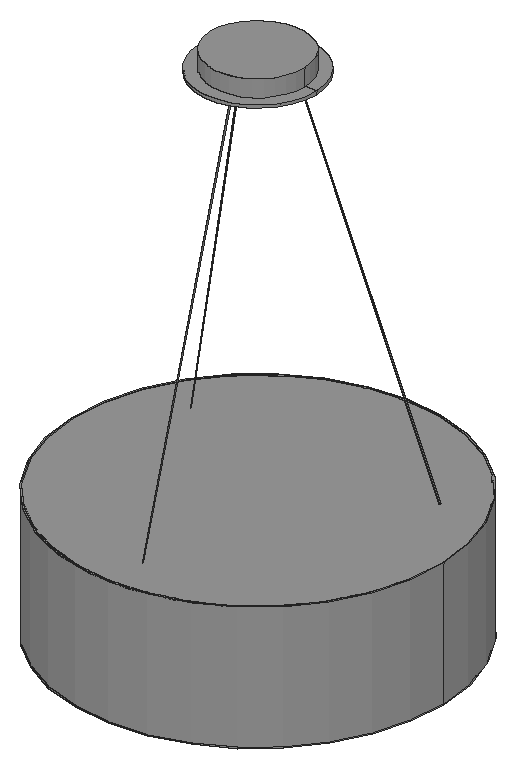
Revit family "Artemide_Tagora_Suspended_570", category Lighting Fixtures, Revit 2018
Family settings
  Round Connector Dimension = Use Diameter
  Part Type = Normal
  Work Plane-Based = Yes
  Always vertical = Yes
  Cut with Voids When Loaded = No
  Light Source = Yes
  Shared = No
  Room Calculation Point = No
Parameters (values of type "Tagora_Suspended_570_DirectEmission_Dimmable_Beige/White_M249221")
  Wattage = 58 W
  built-in parameter 1150110 = 1 (stored number, unit not read)
  Voltage = "-"
  built-in parameter 1114217 = 1 (stored number, unit not read)
  Tilt Angle = 90.00°
  built-in parameter 1150109 = 1 (stored number, unit not read)
  built-in parameter 1150134 = (empty or 0)
  built-in parameter 1150113 = 1 (stored number, unit not read)
  Radius_InternalCylinder = Radius_ExternalCyilinder - 2 mm  # 283 mm
  Radius_ExternalCyilinder = 285 mm
  Product Range = "Tagora"
  Photometric Web File = "M249221.IES"
  Max Height from ceiling = 2000 mm
  M_HousingCylinder = Artemide_Aluminum_Beige
  M_Housing = Artemide_Aluminum_White
  M_Fixings = Artemide_Aluminum_Anodized
  M_Diffuser = Artemide_Glass_LightBulb
  built-in parameter 1150105 = 285.93 (stored number, unit not read)
  Lumens = 3593.1 lm
  built-in parameter 1150115 = 1 (stored number, unit not read)
  built-in parameter 1150137 = (empty or 0)
  built-in parameter 1150139 = (empty or 0)
  built-in parameter 1150112 = 1 (stored number, unit not read)
  built-in parameter 1150114 = 1 (stored number, unit not read)
  built-in parameter 1150132 = (empty or 0)
  built-in parameter 1150102 = (empty or 0)
  built-in parameter 1150107 = 3000 (stored number, unit not read)
  built-in parameter 1150138 = (empty or 0)
  built-in parameter 1150106 = 2.8593 (stored number, unit not read)
  IfcExportType = "NOT DEFINED"  # constant formula
  IfcExportAs = "IfcLightFixtureType"  # constant formula
  Weekly = "-"
  Warranty ID = "https://cloud.artemide.com/5-years-warranty"
  Upward Component  = 0
  Unified Glare Rating  = "-"
  Uniclass 2015 = "Pr_70_70_48"  # constant formula
  URL to O&M Manual = "https://www.artemide.com/contents/documenti/prodotto/tagora_sospensione_570_instructions2525503.pdf"
  URL to Energy Technology List = "-"
  Trim Material = "-"
  Trim Finish = "-"
  Trim Colour  = "-"
  Total Power = 0
  Total Light Output  = 0
  Testing method = "-"
  Supply Phase = 0
  Suitable for Photocell Control = "-"
  Suitable for Motion Detector Control = "N"
  Suitable for Dimming  = "Y"
  Suitable Dimmer Type = "DALI"
  Standards = "-"
  Shipping Weight = 0
  Service life  = "-"
  Secondary Rated Lamp Life = 0
  Secondary Lamp Voltage = 0
  Secondary Lamp International Type Code = "-"
  Secondary Lamp Initial Lumens  = 0
  Secondary Lamp Included = "-"
  Secondary Lamp Efficacy = 0
  Secondary Lamp Colour Temperature = 0
  Secondary Lamp Colour Rendering Index = 0
  Secondary Lamp Cap = "-"
  Secondary Lamp = "-"
  Responsible Sourcing of Materials = "-"
  Responsible Extraction of Materials = "-"
  Reflector Material = "-"
  Reflector Finish = "-"
  Rated Lamp Life = 50000
  Quarterly = "-"
  Product Model Number = "M249221"
  Product Literature = "https://www.artemide.com/en/subfamily/1688085/tagora-suspension-570"
  Primary Lamp Type = "LED"
  Power Supply Kit = "-"
  Power Factor = 0
  Photocell = "-"
  Overall Width = 0
  Overall Light Output Ratio = 0
  Overall Length = 570
  Overall Height = 190
  Output Lumens Indirect light = 0
  Output Lumens Direct light = 3593
  Number of Secondary Lamps = 0
  Number of Primary Lamps = 1
  Number of Poles = 0
  Motion Sensor = "-"
  Motion Detector = "-"
  Monthly = "-"
  Minimum Operating Temperature = 0
  Maximum Operating Temperature = 0
  Material Ingredient Reporting = "-"
  Manufacturer Website = "https://www.artemide.com"
  Manufacturer = "Artemide"
  Maintenance Required: 8001-12000hrs  = "-"
  Maintenance Required: 601-1000hrs = "-"
  Maintenance Required: 4001-8000hrs  = "-"
  Maintenance Required: 301-600hrs  = "-"
  Maintenance Required: 2001-4000hrs  = "-"
  Maintenance Required: 1001-2000hrs  = "-"
  Maintenance Required: 0-300hrs  = "-"
  Luminance at 65deg Angle = 0
  Luminaire Type = "Pendant"
  Luminaire Maintenance Factor = 0
  Luminaire Cleaning Interval  = "-"
  Louvre/Lens = "-"
  Location of Manufacturer = "-"
  Light Output Pattern = "-"
  Light Fixture Mounting Type = "Suspended"
  Life Cycle Analysis = "-"
  Lamp Survival Factor = "-"
  Lamp Replacement Interval = "-"
  Lamp Included = "Y"
  Lamp Holder Material = "-"
  Lamp Cap = "LED Integrated"
  LED lifetime = 50000
  LED Maintained Colour Variation         = 0
  LED Initial Colour Variation                      = 0
  International Type Code = "-"
  Intended Market = "Unset"
  Integral Fuse or Circuit Protection  = "-"
  Integral Emergency Lighting Battery Type = "-"
  Input Lumens Indirect light = 0
  Input Lumens Direct light = 8352
  Initial Lumens = 3593
  Infills = "-"
  IP Rating = "IP20"
  IK Rating = "-"
  IES Files  = "https://www.artemide.com/product/downloadFile/1720551/ieseu/4887593"
  Housing Material = "Aluminium"
  Housing Finish  = "Painted"
  Housing Colour  = "Beige/White"
  Hazardous Area Protection Type = "-"
  Hazardous Area Category = "-"
  Gross Weight = 6.55
  Green Guide for Specification = "-"
  Gasket Material = "-"
  Frequency  = 0
  Fixings = "-"
  Fixing Material = "-"
  Fire Shroud = "-"
  Fire Rating Duration = 0
  Fire Rated Temperature = 0
  Fire Rated = "-"
  Features = "Any additional components/accessories included in this file are required to complete the product/configuration and must be ordered separately.Please check the catalogue/dedicated brochure for more information"
  Face Width = 0
  Face Shape = "Cylindrical"
  Face Length = 0
  External Control Line Voltage = 0
  Expected Life = "-"
  Environmental Product Declaration = "-"
  End Caps/Transition Caps/Joints = "-"
  Emit from Circle Diameter = 475 mm
  Emit Shape Visible in Rendering = no
  Emergency light output percentage = 0
  Emergency Lighting Battery = "-"
  Emergency Charging Power       = 0
  Emergency = "N"
  Embodied Carbon  = 0
  Efficiency = 43
  built-in parameter 1150104 = 5.7553 (stored number, unit not read)
  Earth Point  = "-"
  ENEC Certification of European conformity = "N"
  Duration of Integral Emergency Lighting  = 0
  Drive Current                                          = 0
  Downward Component = 0
  Distance_LampFromCeilingMax [instance] = if(Distance_LampFromCeiling < Max Height from ceiling, Distance_LampFromCeiling, Max Height from ceiling)  # 605 mm
  Distance_LampFromCeiling [instance] = 605 mm
  Distance_HeightLamp = 194.5 mm
  Dimming Lamp Color Temperature Shift = <None>
  Diffusing screen = "-"
  Diffuser Material  = "-"
  Diffuser Finish = "-"
  Designed by = "S./R. Cornelissen"
  Default Elevation = 1219.2 mm
  Daylight Sensor = "-"
  Daily = "-"
  Cut Out Width = 0
  Cut Out Length = 0
  Current  = 0
  Control Gear Type = "-"
  Control Gear Standby Power  = 0
  Control Gear Required = "-"
  Control Gear Location = "-"
  Column = "-"
  Colour Temperature = 3000
  Colour Rendering Index = 80
  Color Filter = 16777215
  Cable Material = "-"
  CE Approval = "Y"
  Bespoke Timeframe = "-"
  Beam Angle Transverse Axis  = 0.00°
  Beam Angle Longditudinal Axis  = 0.00°
  Basis of lifetime luminaire failures        = 0
  Basis of lifetime lumen depreciation   = 0
  built-in parameter 1114218 = 1 (stored number, unit not read)
  built-in parameter 1150133 = 10 (stored number, unit not read)
  Application Environment = "Internal"
  Annually = "-"
  Ambient Temperature                             = 0
  Air Handling = "-"
  Access Clearance Top = 0
  Access Clearance Right = 0
  Access Clearance Rear = 0
  Access Clearance Left = 0
  Access Clearance Front = 0
  Access Clearance Bottom = 0
  6 Monthly = "-"
Types (20, lengths in mm): name | Wattage | built-in parameter 1150134 | Photometric Web File | M_HousingCylinder | M_Housing | built-in parameter 1150105 | Lumens | built-in parameter 1150107 | built-in parameter 1150106 | Product Model Number | Output Lumens Direct light | Input Lumens Direct light | Initial Lumens | IES Files  | Housing Colour  | Gross Weight | Efficiency | built-in parameter 1150104 | Colour Temperature
  Tagora_Suspended_570_DirectEmission_Dimmable_Beige/White_M249221 | 58 W | (empty or 0) | "M249221.IES" | Artemide_Aluminum_Beige | Artemide_Aluminum_White | 285.93 (stored number, unit not read) | 3593.1 lm | 3000 (stored number, unit not read) | 2.8593 (stored number, unit not read) | "M249221" | 3593 | 8352 | 3593 | "https://www.artemide.com/product/downloadFile/1720551/ieseu/4887593" | "Beige/White" | 6.55 | 43 | 5.7553 (stored number, unit not read) | 3000
  Tagora_Suspended_570_DirectEmission_Dimmable_Beige/White_M249321 | 58 W | 12 | "M249321.IES" | Artemide_Aluminum_Beige | Artemide_Aluminum_White | 285.93 (stored number, unit not read) | 3593.1 lm | 4000 (stored number, unit not read) | 2.8593 (stored number, unit not read) | "M249321" | 3593 | 8352 | 3593 | "https://www.artemide.com/product/downloadFile/1721121/ieseu/4887775" | "Beige/White" | 6.55 | 43 | 5.7553 (stored number, unit not read) | 4000
  Tagora_Suspended_570_Direct+IndirectEmission_Dimmable_Beige/White_M240221 | 72 W | (empty or 0) | "M240221.IES" | Artemide_Aluminum_Beige | Artemide_Aluminum_White | 393.45 (stored number, unit not read) | 4944.24 lm | 3000 (stored number, unit not read) | 3.9345 (stored number, unit not read) | "M240221" | 4675 | 10400 | 4675 | "https://www.artemide.com/product/downloadFile/2524996/ieseu/4887726" | "Beige/White" | 6.62 | 45 | 6.3797 (stored number, unit not read) | 3000
  Tagora_Suspended_570_Direct+IndirectEmission_Dimmable_Beige/White_M240321 | 72 W | 12 | "M240321.IES" | Artemide_Aluminum_Beige | Artemide_Aluminum_White | 393.45 (stored number, unit not read) | 4944.24 lm | 4000 (stored number, unit not read) | 3.9345 (stored number, unit not read) | "M240321" | 4675 | 10400 | 4675 | "https://www.artemide.com/product/downloadFile/2526504/ieseu/4887729" | "Beige/White" | 6.62 | 45 | 6.3797 (stored number, unit not read) | 4000
  Tagora_Suspended_570_DirectEmission_Dimmable_Grey/White_M249261 | 58 W | (empty or 0) | "M249261.IES" | Artemide_Aluminum_Grey | Artemide_Aluminum_White | 285.93 (stored number, unit not read) | 3593.1 lm | 3000 (stored number, unit not read) | 2.8593 (stored number, unit not read) | "M249261" | 3593 | 8352 | 3593 | "https://www.artemide.com/product/downloadFile/1720737/ieseu/4887736" | "Grey/White" | 6.55 | 43 | 5.7553 (stored number, unit not read) | 3000
  Tagora_Suspended_570_DirectEmission_Dimmable_Grey/White_M249361 | 58 W | 12 | "M249361.IES" | Artemide_Aluminum_Grey | Artemide_Aluminum_White | 285.93 (stored number, unit not read) | 3593.1 lm | 4000 (stored number, unit not read) | 2.8593 (stored number, unit not read) | "M249361" | 3593 | 8352 | 3593 | "https://www.artemide.com/product/downloadFile/1721307/ieseu/4887902" | "Grey/White" | 6.55 | 43 | 5.7553 (stored number, unit not read) | 4000
  Tagora_Suspended_570_Direct+IndirectEmission_Dimmable_Grey/White_M240261 | 72 W | (empty or 0) | "M240261.IES" | Artemide_Aluminum_Grey | Artemide_Aluminum_White | 393.45 (stored number, unit not read) | 4944.24 lm | 3000 (stored number, unit not read) | 3.9345 (stored number, unit not read) | "M240261" | 4675 | 10400 | 4675 | "https://www.artemide.com/product/downloadFile/2524782/ieseu/4887852" | "Grey/White" | 6.62 | 45 | 6.3797 (stored number, unit not read) | 3000
  Tagora_Suspended_570_Direct+IndirectEmission_Dimmable_Grey/White_M240361 | 72 W | 12 | "M240361.IES" | Artemide_Aluminum_Grey | Artemide_Aluminum_White | 393.45 (stored number, unit not read) | 4944.24 lm | 4000 (stored number, unit not read) | 3.9345 (stored number, unit not read) | "M240361" | 4675 | 10400 | 4675 | "https://www.artemide.com/product/downloadFile/2526021/ieseu/4887592" | "Grey/White" | 6.62 | 45 | 6.3797 (stored number, unit not read) | 4000
  Tagora_Suspended_570_DirectEmission_Dimmable_Black/Orange_M249211 | 58 W | (empty or 0) | "M249211.IES" | Artemide_Aluminum_Black | Artemide_Aluminum_Orange | 285.93 (stored number, unit not read) | 3593.1 lm | 3000 (stored number, unit not read) | 2.8593 (stored number, unit not read) | "M249211" | 3593 | 8352 | 3593 | "https://www.artemide.com/product/downloadFile/1720929/ieseu/4887761" | "Black/Orange" | 6.55 | 43 | 5.7553 (stored number, unit not read) | 3000
  Tagora_Suspended_570_DirectEmission_Dimmable_Black/Orange_M249311 | 58 W | 12 | "M249311.IES" | Artemide_Aluminum_Black | Artemide_Aluminum_Orange | 285.93 (stored number, unit not read) | 3593.1 lm | 4000 (stored number, unit not read) | 2.8593 (stored number, unit not read) | "M249311" | 3593 | 8352 | 3593 | "https://www.artemide.com/product/downloadFile/1721121/ieseu/4887775" | "Black/Orange" | 6.55 | 43 | 5.7553 (stored number, unit not read) | 4000
  Tagora_Suspended_570_Direct+IndirectEmission_Dimmable_Black/Orange_M240211 | 72 W | (empty or 0) | "M240211.IES" | Artemide_Aluminum_Black | Artemide_Aluminum_Orange | 393.45 (stored number, unit not read) | 4944.24 lm | 3000 (stored number, unit not read) | 3.9345 (stored number, unit not read) | "M240211" | 4675 | 10400 | 4675 | "https://www.artemide.com/product/downloadFile/2524568/ieseu/4887771" | "Black/Orange" | 6.62 | 45 | 6.3797 (stored number, unit not read) | 3000
  Tagora_Suspended_570_Direct+IndirectEmission_Dimmable_Black/Orange_M240311 | 72 W | 12 | "M240311.IES" | Artemide_Aluminum_Black | Artemide_Aluminum_Orange | 393.45 (stored number, unit not read) | 4944.24 lm | 4000 (stored number, unit not read) | 3.9345 (stored number, unit not read) | "M240311" | 4675 | 10400 | 4675 | "https://www.artemide.com/product/downloadFile/2525796/ieseu/4887647" | "Black/Orange" | 6.62 | 45 | 6.3797 (stored number, unit not read) | 4000
  Tagora_Suspended_570_DirectEmission_Dimmable_Black/Blue_M249231 | 58 W | (empty or 0) | "M249231.IES" | Artemide_Aluminum_Black | Artemide_Aluminum_Blue | 285.93 (stored number, unit not read) | 3593.1 lm | 3000 (stored number, unit not read) | 2.8593 (stored number, unit not read) | "M249231" | 3593 | 8352 | 3593 | "https://www.artemide.com/product/downloadFile/2525547/ieseu/4887602" | "Black/Blue" | 6.55 | 43 | 5.7553 (stored number, unit not read) | 3000
  Tagora_Suspended_570_DirectEmission_Dimmable_Black/Blue_M249331 | 58 W | 12 | "M249331.IES" | Artemide_Aluminum_Black | Artemide_Aluminum_Blue | 285.93 (stored number, unit not read) | 3593.1 lm | 4000 (stored number, unit not read) | 2.8593 (stored number, unit not read) | "M249331" | 3593 | 8352 | 3593 | "https://www.artemide.com/product/downloadFile/2527098/ieseu/4887636" | "Black/Blue" | 6.55 | 43 | 5.7553 (stored number, unit not read) | 4000
  Tagora_Suspended_570_Direct+IndirectEmission_Dimmable_Black/Blue_M240231 | 72 W | (empty or 0) | "M240231.IES" | Artemide_Aluminum_Black | Artemide_Aluminum_Blue | 393.45 (stored number, unit not read) | 4944.24 lm | 3000 (stored number, unit not read) | 3.9345 (stored number, unit not read) | "M240231" | 4675 | 10400 | 4675 | "https://www.artemide.com/product/downloadFile/2521552/ieseu/4887949" | "Black/Blue" | 6.62 | 45 | 6.3797 (stored number, unit not read) | 3000
  Tagora_Suspended_570_Direct+IndirectEmission_Dimmable_Black/Blue_M240331 | 72 W | 12 | "M240331.IES" | Artemide_Aluminum_Black | Artemide_Aluminum_Blue | 393.45 (stored number, unit not read) | 4944.24 lm | 4000 (stored number, unit not read) | 3.9345 (stored number, unit not read) | "M240331" | 4675 | 10400 | 4675 | "https://www.artemide.com/product/downloadFile/2523058/ieseu/4887835" | "Black/Blue" | 6.62 | 45 | 6.3797 (stored number, unit not read) | 4000
  Tagora_Suspended_570_DirectEmission_Dimmable_Black/Green_M249241 | 58 W | (empty or 0) | "M249241.IES" | Artemide_Aluminum_Black | Artemide_Aluminum_Green | 285.93 (stored number, unit not read) | 3593.1 lm | 3000 (stored number, unit not read) | 2.8593 (stored number, unit not read) | "M249241" | 3593 | 8352 | 3593 | "https://www.artemide.com/product/downloadFile/2525276/ieseu/4887703" | "Black/Green" | 6.55 | 43 | 5.7553 (stored number, unit not read) | 3000
  Tagora_Suspended_570_DirectEmission_Dimmable_Black/Green_M249341 | 58 W | 12 | "M249341.IES" | Artemide_Aluminum_Black | Artemide_Aluminum_Green | 285.93 (stored number, unit not read) | 3593.1 lm | 4000 (stored number, unit not read) | 2.8593 (stored number, unit not read) | "M249341" | 3593 | 8352 | 3593 | "https://www.artemide.com/product/downloadFile/2526860/ieseu/4887672" | "Black/Green" | 6.55 | 43 | 5.7553 (stored number, unit not read) | 4000
  Tagora_Suspended_570_Direct+IndirectEmission_Dimmable_Black/Green_M240241 | 72 W | (empty or 0) | "M240241.IES" | Artemide_Aluminum_Black | Artemide_Aluminum_Green | 393.45 (stored number, unit not read) | 4944.24 lm | 3000 (stored number, unit not read) | 3.9345 (stored number, unit not read) | "M240241" | 4675 | 10400 | 4675 | "https://www.artemide.com/product/downloadFile/2522298/ieseu/4887994" | "Black/Green" | 6.62 | 45 | 6.3797 (stored number, unit not read) | 3000
  Tagora_Suspended_570_Direct+IndirectEmission_Dimmable_Black/Green_M240341 | 72 W | 12 | "M240341.IES" | Artemide_Aluminum_Black | Artemide_Aluminum_Green | 393.45 (stored number, unit not read) | 4944.24 lm | 4000 (stored number, unit not read) | 3.9345 (stored number, unit not read) | "M240341" | 4675 | 10400 | 4675 | "https://www.artemide.com/product/downloadFile/2524310/ieseu/4887910" | "Black/Green" | 6.62 | 45 | 6.3797 (stored number, unit not read) | 4000
Reference planes
  plane 1 "Center (Front/Back)": y = 0
  plane 2 "Top Fixings": z = 0
  plane 3 "Center (Left/Right)": x = 0
  plane 4 "Bottom Internal Cone": z = -798
  plane 5: z = -701.5
  plane 6: z = -676.603
  plane 7 "Top Internal Cone": z = -656
  plane 8 "Center L/T": z = -675.335
  plane 9 "Bottom Lamp": z = -799.5
  plane 10 "Light": z = -688.813
  plane 11: z = -25.6
  plane 12: z = -704.5
  plane 13 "Top Lamp": z = -605
  plane 14: z = -607
  plane 15: z = -46.951
  plane 16: y = -51.011
  plane 17: y = -220.578
  plane 18: z = -41.804
Forms (mm)
  Extrusion 1, solid, material "Artemide_Aluminum_Beige" <- "M_HousingCylinder"
    sketch origin (0, 0, 0) x (1, 0, 0) y (0, 1, 0)
      loop
        circle (0, 0) r 285
      loop
        circle (0, 0) r 283
    from -798 to -605
  Extrusion 2, solid, material "Artemide_Aluminum_Beige" <- "M_HousingCylinder"
    sketch origin (0, 0, 0) x (1, 0, 0) y (0, 1, 0)
      loop
        circle (0, 0) r 283
    from -607 to -605
  Revolve 3, solid, material "Artemide_Aluminum_White" <- "M_Housing"
    sketch origin (0, 0, -560) x (1, 0, 0) y (0, 0, 1)
      loop
        line (-225.911, -96) -> (-225.911, -116.603) -> (0, -116.603) -> (0, -115.335) -> (-224.411, -115.335) -> (-224.411, -96) -> (-225.911, -96)
      axis (0, -96) -> (0, -116.603)
    angle from 0 to 360
  Revolve 4, solid, material "Artemide_Aluminum_White" <- "M_Housing"
    sketch origin (0, 0, -560) x (1, 0, 0) y (0, 0, 1)
      loop
        line (-225.911, -115.335) -> (-283.111, -238) -> (-285, -238) -> (-285, -239.5) -> (-282.045, -239.5) -> (-224.146, -115.335) -> (-225.911, -115.335)
      axis (0, -115.335) -> (0, -239.5)
    angle from 0 to 360
  Revolve 5, solid, material "Artemide_Glass_LightBulb" <- "M_Diffuser"
    sketch origin (0, 0, -560) x (1, 0, 0) y (0, 0, 1)
      loop
        line (0, -141.5) -> (-236.101, -141.5) -> (-237.5, -144.5) -> (0, -144.5) -> (0, -141.5)
      axis (0, -141.5) -> (0, -144.5)
    angle from 0 to 360
  Extrusion 6, solid, material "Artemide_Aluminum_Anodized" <- "M_Fixings"
    sketch origin (0, 0, 0) x (1, 0, 0) y (0, 1, 0)
      loop
        circle (0, 0) r 71.65
    from -25.6 to 0
  Revolve 7, solid, material "Artemide_Aluminum_Anodized" <- "M_Fixings"
    sketch origin (0, 0, 0) x (1, 0, 0) y (0, 0, 1)
      loop
        line (-90, -25.6) -> (-89.921, -30.145)
        arc (-89.921, -30.145) -> (-45.759, -42.824) -> (0, -46.951) r 242.645
        line (0, -46.951) -> (0, -25.6) -> (-90, -25.6)
      axis (0, -25.6) -> (0, -46.951)
    angle from 0 to 360
  Sweep 8, solid, material "Artemide_Aluminum_Anodized" <- "M_Fixings"
    path origin (0, 0, 0) x (0, 1, 0) y (0, 0, 1)
      loop
        line (-51.011, -41.804) -> (-220.578, -607)
    profile origin (0, -135.794, -324.402) x (0, 0.957823, -0.28736) y (1, 0, 0)
      loop
        circle (0, 0) r 0.4
  Sweep 9, solid, material "Artemide_Aluminum_Anodized" <- "M_Fixings"
    path origin (0, 0, 0) x (-0.866025, -0.5, 0) y (0, 0, 1)
      loop
        line (-51.011, -41.804) -> (-220.578, -607)
    profile origin (117.601, 67.897, -324.402) x (-0.829499, -0.478911, -0.28736) y (-0.5, 0.866025, 0)
      loop
        circle (0, 0) r 0.4
  Sweep 10, solid, material "Artemide_Aluminum_Anodized" <- "M_Fixings"
    path origin (0, 0, 0) x (0.866025, -0.5, 0) y (0, 0, -1)
      loop
        line (-51.011, 41.804) -> (-220.578, 607)
    profile origin (-117.601, 67.897, -324.402) x (-0.829499, 0.478911, 0.28736) y (0.5, 0.866025, 0)
      loop
        circle (0, 0) r 0.4
Dimensions and locks
  locked: plane 4 "Bottom Internal Cone" to plane 9 "Bottom Lamp" at 1.5
  locked: plane 12 to plane 4 "Bottom Internal Cone" at 93.5
  locked: plane 5 to plane 12 at 3
  locked: plane 8 "Center L/T" to plane 6 at 1.268
  locked: plane 7 "Top Internal Cone" to plane 8 "Center L/T" at 19.335
  "Distance_HeightLamp": plane 13 "Top Lamp" to plane 9 "Bottom Lamp"
  locked: plane 13 "Top Lamp" to plane 14 at 2
  "Distance_LampFromCeilingMax": plane 2 "Top Fixings" to plane 13 "Top Lamp"
  locked: plane 6 to plane 10 "Light" at 12.21
  locked: plane 10 "Light" to plane 5 at 12.687
  locked: plane 18 to plane 15 at 5.147
  locked: plane 11 to plane 18 at 16.204
  locked: plane 2 "Top Fixings" to plane 11 at 25.6
  locked: plane 1 "Center (Front/Back)" to plane 16 at 51.011
  locked: plane 16 to plane 17 at 169.567
  "Radius_ExternalCyilinder": radius of Extrusion 1 sketch curve
  "Radius_InternalCylinder": radius of Extrusion 1 sketch curve
  "Radius_InternalCylinder": radius of Extrusion 2 sketch curve
  aligned and locked: level to plane 2 "Top Fixings"
  aligned and locked: plane 3 "Center (Left/Right)" to imposter light
  aligned and locked: imposter light to plane 1 "Center (Front/Back)"
  aligned and locked: plane 3 "Center (Left/Right)" to Extrusion 1 sketch curve  (x2)
  aligned and locked: plane 1 "Center (Front/Back)" to Extrusion 1 sketch curve  (x2)
  aligned and locked: Extrusion 1 to plane 4 "Bottom Internal Cone"
  aligned and locked: plane 3 "Center (Left/Right)" to Extrusion 2 sketch curve
  aligned and locked: plane 1 "Center (Front/Back)" to Extrusion 2 sketch curve
  aligned and locked: Revolve 3 sketch curve to plane 7 "Top Internal Cone"
  aligned and locked: Revolve 3 sketch curve to plane 8 "Center L/T"
  aligned and locked: plane 6 to Revolve 3 sketch curve
  aligned and locked: Revolve 3 sketch curve to plane 3 "Center (Left/Right)"
  aligned and locked: Revolve 4 sketch curve to plane 8 "Center L/T"
  aligned and locked: plane 4 "Bottom Internal Cone" to Revolve 4 sketch curve
  aligned and locked: Revolve 4 sketch curve to plane 9 "Bottom Lamp"
  aligned and locked: Revolve 4 sketch curve to plane 3 "Center (Left/Right)"
  aligned and locked: plane 5 to Revolve 5 sketch curve
  aligned and locked: Revolve 5 sketch curve to plane 12
  aligned and locked: Revolve 5 sketch curve to plane 3 "Center (Left/Right)"
  aligned and locked: plane 13 "Top Lamp" to Extrusion 1
  aligned and locked: Extrusion 2 to plane 14
  aligned and locked: plane 13 "Top Lamp" to Extrusion 2
  aligned and locked: plane 10 "Light" to imposter light
  aligned and locked: plane 3 "Center (Left/Right)" to Extrusion 6 sketch curve
  aligned and locked: plane 1 "Center (Front/Back)" to Extrusion 6 sketch curve
  aligned and locked: Extrusion 6 to plane 11
  aligned and locked: plane 2 "Top Fixings" to Extrusion 6
  aligned and locked: Revolve 7 sketch curve to plane 11
  aligned and locked: plane 15 to Revolve 7 sketch curve
  aligned and locked: Revolve 7 sketch curve to plane 3 "Center (Left/Right)"
  aligned and locked: plane 14 to Sweep 8 sketch curve
  aligned and locked: plane 17 to Sweep 8 sketch curve
  aligned and locked: plane 16 to Sweep 8 sketch curve
  aligned and locked: plane 18 to Sweep 8 sketch curve
Automatic sketch dimensions
  Revolve 3 sketch curve to plane 3 "Center (Left/Right)" = 0 mm
  Revolve 3 sketch curve to Revolve 3 sketch curve = 224.411 mm
  Revolve 3 sketch curve to Revolve 3 sketch curve = 1.5 mm
  Revolve 3 sketch curve to plane 9 "Bottom Lamp" = 1345.919 mm
  level to Revolve 3 sketch curve = 1654.315 mm
  Revolve 4 sketch curve to plane 3 "Center (Left/Right)" = 224.146 mm
  Revolve 4 sketch curve to Revolve 4 sketch curve = 1.765 mm
  Revolve 4 sketch curve to Revolve 4 sketch curve = 56.134 mm
  Revolve 4 sketch curve to Revolve 4 sketch curve = 1.066 mm
  Revolve 4 sketch curve to Revolve 4 sketch curve = 1.889 mm
  Revolve 4 sketch curve to plane 9 "Bottom Lamp" = 1345.919 mm
  level to Revolve 4 sketch curve = 1654.315 mm
  Revolve 5 sketch curve to plane 3 "Center (Left/Right)" = 0 mm
  Revolve 5 sketch curve to Revolve 5 sketch curve = 236.101 mm
  Revolve 5 sketch curve to Revolve 5 sketch curve = 1.399 mm
  Revolve 5 sketch curve to plane 9 "Bottom Lamp" = 1345.919 mm
  level to Revolve 5 sketch curve = 1654.315 mm
  Revolve 7 sketch curve to plane 3 "Center (Left/Right)" = 0 mm
  Revolve 7 sketch curve to plane 3 "Center (Left/Right)" = 1.181 mm
  Revolve 7 sketch curve to plane 11 = 4.545 mm
  Revolve 7 sketch curve to plane 3 "Center (Left/Right)" = 89.921 mm
  Revolve 7 sketch curve to Revolve 7 sketch curve = 0.079 mm
  Revolve 7 sketch curve to plane 9 "Bottom Lamp" = 740.919 mm
  Revolve 7 sketch curve to Revolve 7 sketch curve = 2018.623 mm
  Sweep 8 sketch curve to plane 3 "Center (Left/Right)" = 0 mm
  Sweep 8 sketch curve to profile plane = 0 mm
  plane 14 to Sweep 9 sketch curve = 0 mm
  plane 18 to Sweep 9 sketch curve = 0 mm
  Sweep 9 sketch curve to Sweep 9 sketch curve = 169.567 mm
  profile plane to Sweep 9 sketch curve = 0 mm  (x2)
  plane 14 to Sweep 10 sketch curve = 0 mm
  plane 18 to Sweep 10 sketch curve = 0 mm
  Sweep 10 sketch curve to Sweep 10 sketch curve = 169.567 mm
  Sweep 10 sketch curve to profile plane = 0 mm
  profile plane to Sweep 10 sketch curve = 0 mm
  radius of Extrusion 6 sketch curve = 71.65 mm
  radius of Sweep 8 sketch curve = 0.4 mm
  radius of Sweep 9 sketch curve = 0.4 mm
  radius of Sweep 10 sketch curve = 0.4 mm
